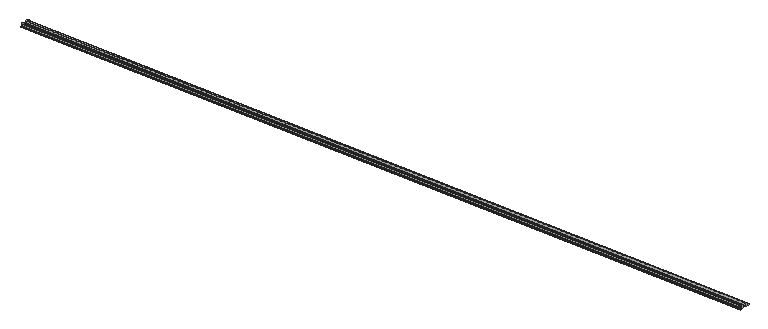
Revit family "Busduct Accessory_busSTRUT_MD-CS-10", category Generic Models, Revit 2023
Family settings
  Can host rebar = No
  Round Connector Dimension = Use Diameter
  Part Type = Normal
  Work Plane-Based = No
  Always vertical = Yes
  Cut with Voids When Loaded = No
  Maintain Annotation Orientation = No
  Shared = No
  Room Calculation Point = No
Parameters (values of type "MD-CS-10")
  Warning [instance] = if(or(Required Length < Min Length, Required Length > Max Length), "Violation of Min/Max Length", "No Warning")  # "No Warning"
  Required Length [instance] = 10' - 0"
  Min Length = 1' - 0"  # constant formula
  Facing Up [instance] = not(Facing Down)  # no
  URL = "https://busstrut.com"
  Type Comments = "ACCESSORY"  # constant formula
  Model = "MD-CS-10"
  Max Length = 10' - 0"  # constant formula
  Manufacturer = "busSTRUT"  # constant formula
  Facing Down [instance] = yes
  Length [instance] = if(Required Length < Min Length, Min Length, if(Required Length > Max Length, Max Length, Required Length))  # 10' - 0"
  L [instance] = round((Length / 0.01) / 1' 0") * 0.01  # 10
  Description = ""
  Default Elevation = 0' - 0"
Reference planes (in)
  plane 1 "Center (Front/Back)": y = 0
  plane 2: z = 0
  plane 3 "Center (Left/Right)": x = 0
Forms (in)
  Extrusion 1, solid, material "Galvanized Steel BS", visible <- "Facing Up", detail levels medium+fine
    sketch origin (0, 0, 0) x (0, 1, 0) y (0, 0, 1)
      loop
        line (0.4675, 0.21565) -> (0.4675, 0.50036) -> (0.65467, 0.50036) -> (0.83, 0.46946) -> (0.83, 0.53186) -> (0.65405, 0.56286) -> (-0.65405, 0.56286) -> (-0.83, 0.53186) -> (-0.83, 0.46946) -> (-0.65467, 0.50036) -> (-0.4675, 0.50036) -> (-0.4675, 0.21565)
        arc (-0.4675, 0.21565) -> (-0.55027, 0.16762) -> (-0.4887, 0.09436) r 0.0625
        line (-0.4887, 0.09436) -> (-0.405, 0.09436) -> (-0.405, 0.50036) -> (0.405, 0.50036) -> (0.405, 0.09436) -> (0.4887, 0.09436)
        arc (0.4887, 0.09436) -> (0.55027, 0.16762) -> (0.4675, 0.21565) r 0.0625
    from 0 to 120
  Extrusion 2, solid, material "Galvanized Steel BS", visible <- "Facing Down", detail levels medium+fine
    sketch origin (0, 0, 0) x (0, 1, 0) y (0, 0, 1)
      loop
        arc (0.4675, -0.21565) -> (0.55027, -0.16762) -> (0.4887, -0.09436) r 0.0625
        line (0.4887, -0.09436) -> (0.405, -0.09436) -> (0.405, -0.50036) -> (-0.405, -0.50036) -> (-0.405, -0.09436) -> (-0.4887, -0.09436)
        arc (-0.4887, -0.09436) -> (-0.55027, -0.16762) -> (-0.4675, -0.21565) r 0.0625
        line (-0.4675, -0.21565) -> (-0.4675, -0.50036) -> (-0.65467, -0.50036) -> (-0.83, -0.46946) -> (-0.83, -0.53186) -> (-0.65405, -0.56286) -> (0.65405, -0.56286) -> (0.83, -0.53186) -> (0.83, -0.46946) -> (0.65467, -0.50036) -> (0.4675, -0.50036) -> (0.4675, -0.21565)
    from 0 to 120
Lines and regions (in)
  Masking region 1, detail levels fine
    outline origin (0, 0, 0) x (1, 0, 0) y (0, 1, 0)
      loop
        line (0, 0.8275) -> (0, -0.8275) -> (120, -0.8275) -> (120, 0.8275) -> (0, 0.8275)
  Masking region 2, visible <- "Facing Down", detail levels medium+fine
    outline origin (0, 0, 0) x (1, 0, 0) y (0, 0, 1)
      loop
        line (0, -0.18716) -> (0, -0.54378) -> (120, -0.54378) -> (120, -0.18716) -> (0, -0.18716)
  Masking region 3, visible <- "Facing Up", detail levels medium+fine
    outline origin (0, 0, 0.73165) x (1, 0, 0) y (0, 0, 1)
      loop
        line (0, -0.18716) -> (0, -0.54378) -> (120, -0.54378) -> (120, -0.18716) -> (0, -0.18716)
  Masking region 4, visible <- "Facing Up", detail levels medium+fine
    outline origin (0, 0, 0) x (0, 1, 0) y (0, 0, 1)
      loop
        line (0.4675, 0.21565) -> (0.4675, 0.50036) -> (0.65467, 0.50036) -> (0.83, 0.46946) -> (0.83, 0.53186) -> (0.65405, 0.56286) -> (-0.65405, 0.56286) -> (-0.83, 0.53186) -> (-0.83, 0.46946) -> (-0.65467, 0.50036) -> (-0.4675, 0.50036) -> (-0.4675, 0.21565)
        arc (-0.4675, 0.21565) -> (-0.55027, 0.16762) -> (-0.4887, 0.09436) r 0.0625
        line (-0.4887, 0.09436) -> (-0.405, 0.09436) -> (-0.405, 0.50036) -> (0.405, 0.50036) -> (0.405, 0.09436) -> (0.4887, 0.09436)
        arc (0.4887, 0.09436) -> (0.55027, 0.16762) -> (0.4675, 0.21565) r 0.0625
  Masking region 5, visible <- "Facing Down", detail levels medium+fine
    outline origin (0, 0, 0) x (0, 1, 0) y (0, 0, 1)
      loop
        arc (0.4675, -0.21565) -> (0.55027, -0.16762) -> (0.4887, -0.09436) r 0.0625
        line (0.4887, -0.09436) -> (0.405, -0.09436) -> (0.405, -0.50036) -> (-0.405, -0.50036) -> (-0.405, -0.09436) -> (-0.4887, -0.09436)
        arc (-0.4887, -0.09436) -> (-0.55027, -0.16762) -> (-0.4675, -0.21565) r 0.0625
        line (-0.4675, -0.21565) -> (-0.4675, -0.50036) -> (-0.65467, -0.50036) -> (-0.83, -0.46946) -> (-0.83, -0.53186) -> (-0.65405, -0.56286) -> (0.65405, -0.56286) -> (0.83, -0.53186) -> (0.83, -0.46946) -> (0.65467, -0.50036) -> (0.4675, -0.50036) -> (0.4675, -0.21565)
  reference lines
    curve 1: line (0, 0.8275, 0) -> (0, -0.8275, 0)
    curve 2: line (120, 0.8275, 0) -> (120, -0.8275, 0)
  symbolic lines, style "A-GENM", detail levels fine
    curve 3: line (0, 0.8275, 0) -> (120, 0.8275, 0)
    curve 4: line (0, -0.8275, 0) -> (0, 0.8275, 0)
    curve 5: line (120, -0.8275, 0) -> (0, -0.8275, 0)
    curve 6: line (120, 0.8275, 0) -> (120, -0.8275, 0)
  symbolic lines, style "A-GENM", visible <- "Facing Down", detail levels medium+fine
    curve 7: line (120, 0, -0.18716) -> (0, 0, -0.18716)
    curve 8: line (120, 0, -0.54378) -> (120, 0, -0.18716)
    curve 9: line (0, 0, -0.54378) -> (120, 0, -0.54378)
    curve 10: line (0, 0, -0.18716) -> (0, 0, -0.54378)
    curve 34: line (0, 0.405, -0.50036) -> (0, 0.405, -0.09436)
    curve 35: line (0, 0.405, -0.09436) -> (0, 0.4887, -0.09436)
    curve 36: arc (0, 0.4887, -0.09436) -> (0, 0.55027, -0.16762) -> (0, 0.4675, -0.21565) r 0.0625
    curve 37: line (0, 0.4675, -0.21565) -> (0, 0.4675, -0.50036)
    curve 38: line (0, 0.4675, -0.50036) -> (0, 0.65467, -0.50036)
    curve 39: line (0, 0.65467, -0.50036) -> (0, 0.83, -0.46946)
    curve 40: line (0, 0.83, -0.46946) -> (0, 0.83, -0.53186)
    curve 41: line (0, 0.83, -0.53186) -> (0, 0.65405, -0.56286)
    curve 42: line (0, 0.65405, -0.56286) -> (0, -0.65405, -0.56286)
    curve 43: line (0, -0.65405, -0.56286) -> (0, -0.83, -0.53186)
    curve 44: line (0, -0.83, -0.53186) -> (0, -0.83, -0.46946)
    curve 45: line (0, -0.83, -0.46946) -> (0, -0.65467, -0.50036)
    curve 46: line (0, -0.65467, -0.50036) -> (0, -0.4675, -0.50036)
    curve 47: line (0, -0.4675, -0.50036) -> (0, -0.4675, -0.21565)
    curve 48: arc (0, -0.4675, -0.21565) -> (0, -0.55027, -0.16762) -> (0, -0.4887, -0.09436) r 0.0625
    curve 49: line (0, -0.4887, -0.09436) -> (0, -0.405, -0.09436)
    curve 50: line (0, -0.405, -0.09436) -> (0, -0.405, -0.50036)
    curve 51: line (0, -0.405, -0.50036) -> (0, 0.405, -0.50036)
  symbolic lines, style "A-GENM", detail levels coarse
    curve 11: line (120, 0, 0) -> (0, 0, 0)
  symbolic lines, style "A-GENM", visible <- "Facing Up", detail levels medium+fine
    curve 12: line (120, 0, 0.54449) -> (0, 0, 0.54449)
    curve 13: line (120, 0, 0.18787) -> (120, 0, 0.54449)
    curve 14: line (0, 0, 0.18787) -> (120, 0, 0.18787)
    curve 15: line (0, 0, 0.54449) -> (0, 0, 0.18787)
    curve 16: line (0, 0.405, 0.50036) -> (0, 0.405, 0.09436)
    curve 17: line (0, 0.405, 0.09436) -> (0, 0.4887, 0.09436)
    curve 18: arc (0, 0.4887, 0.09436) -> (0, 0.55027, 0.16762) -> (0, 0.4675, 0.21565) r 0.0625
    curve 19: line (0, 0.4675, 0.21565) -> (0, 0.4675, 0.50036)
    curve 20: line (0, 0.4675, 0.50036) -> (0, 0.65467, 0.50036)
    curve 21: line (0, 0.65467, 0.50036) -> (0, 0.83, 0.46946)
    curve 22: line (0, 0.83, 0.46946) -> (0, 0.83, 0.53186)
    curve 23: line (0, 0.83, 0.53186) -> (0, 0.65405, 0.56286)
    curve 24: line (0, 0.65405, 0.56286) -> (0, -0.65405, 0.56286)
    curve 25: line (0, -0.65405, 0.56286) -> (0, -0.83, 0.53186)
    curve 26: line (0, -0.83, 0.53186) -> (0, -0.83, 0.46946)
    curve 27: line (0, -0.83, 0.46946) -> (0, -0.65467, 0.50036)
    curve 28: line (0, -0.65467, 0.50036) -> (0, -0.4675, 0.50036)
    curve 29: line (0, -0.4675, 0.50036) -> (0, -0.4675, 0.21565)
    curve 30: arc (0, -0.4675, 0.21565) -> (0, -0.55027, 0.16762) -> (0, -0.4887, 0.09436) r 0.0625
    curve 31: line (0, -0.4887, 0.09436) -> (0, -0.405, 0.09436)
    curve 32: line (0, -0.405, 0.09436) -> (0, -0.405, 0.50036)
    curve 33: line (0, -0.405, 0.50036) -> (0, 0.405, 0.50036)
Dimensions and locks (in)
  "Length": curve 1 to curve 2
  "Length": curve 13 to plane 3 "Center (Left/Right)"
  aligned and locked: plane 2 to level
  aligned and locked: curve 2 to Masking region 1 sketch curve
  aligned and locked: Masking region 1 sketch curve to curve 1
  aligned and locked: curve 4 to curve 1
  aligned and locked: curve 2 to curve 6
  aligned and locked: Extrusion 1 to curve 2
  aligned and locked: Extrusion 1 to curve 1
  aligned and locked: curve 1 to Masking region 2
  aligned and locked: curve 11 to curve 13
  aligned and locked: curve 11 to Masking region 3
  aligned and locked: curve 8 to curve 11
  aligned and locked: Masking region 2 to curve 11
Automatic sketch dimensions
  plane 1 "Center (Front/Back)" to curve 5 = 0' - 0.8275"
  curve 4 to plane 1 "Center (Front/Back)" = 0' - 0.8275"
  plane 1 "Center (Front/Back)" to curve 26 = 0' - 0.83"
  plane 1 "Center (Front/Back)" to curve 45 = 0' - 0.83"
  curve 26 to curve 27 = 0' - 0.17533"
  curve 44 to curve 46 = 0' - 0.17533"
  curve 45 to curve 43 = 0' - 0.00062"
  curve 27 to curve 24 = 0' - 0.00062"
  level to curve 31 = 0' - 0.09436"
  curve 27 to curve 31 = 0' - 0.16597"
  curve 48 to level = 0' - 0.15686"
  curve 48 to curve 31 = 0' - 0"
  curve 48 to curve 47 = 0' - 0.0212"
  curve 27 to curve 28 = 0' - 0.18717"
  curve 46 to curve 50 = 0' - 0 1/16"
  curve 31 to curve 31 = 0' - 0.0837"
  curve 34 to level = 0' - 0.09436"
  curve 34 to plane 1 "Center (Front/Back)" = 0' - 0.405"
  curve 33 to plane 1 "Center (Front/Back)" = 0' - 0.405"
  curve 34 to curve 37 = 0' - 0 1/16"
  curve 16 to curve 19 = 0' - 0 1/16"
  curve 36 to curve 36 = 0' - 0.0212"
  curve 19 to curve 18 = 0' - 0.0212"
  curve 19 to curve 23 = 0' - 0.18655"
  curve 37 to curve 41 = 0' - 0.18655"
  curve 42 to curve 38 = 0' - 0.00062"
  curve 23 to curve 21 = 0' - 0.00062"
  curve 38 to curve 39 = 0' - 0.17533"
  curve 20 to curve 22 = 0' - 0.17533"
  curve 36 to curve 36 = 0' - 0 1/16"
  curve 47 to curve 48 = 0' - 0.05879"
  curve 39 to curve 36 = 0' - 0.25381"
  curve 44 to curve 47 = 0' - 0.25381"
  curve 51 to curve 36 = 0' - 0.28471"
  curve 34 to curve 37 = 0' - 0"
  curve 45 to curve 44 = 0' - 0.03089"
  curve 40 to curve 39 = 0' - 0.06239"
  curve 43 to curve 44 = 0' - 0.06239"
  curve 43 to curve 45 = 0' - 0 1/16"
  level to curve 17 = 0' - 0.09436"
  curve 30 to curve 30 = 0' - 0 1/16"
  curve 18 to curve 18 = 0' - 0 1/16"
  curve 29 to curve 26 = 0' - 0.25381"
  curve 18 to curve 22 = 0' - 0.25381"
  curve 18 to curve 20 = 0' - 0.28471"
  curve 33 to curve 19 = 0' - 0"
  curve 26 to curve 27 = 0' - 0.03089"
  curve 26 to curve 25 = 0' - 0.06239"
  curve 21 to curve 23 = 0' - 0.06239"
  curve 27 to curve 24 = 0' - 0 1/16"
  plane 1 "Center (Front/Back)" to Masking region 1 sketch curve = 0' - 0.8275"
  Masking region 1 sketch curve to plane 1 "Center (Front/Back)" = 0' - 0.8275"
  Masking region 2 sketch curve to plane 3 "Center (Left/Right)" = 0' - 0"
  Masking region 2 sketch curve to level = 0' - 0.18716"
  plane 3 "Center (Left/Right)" to Masking region 2 sketch curve = 10' - 0"
  Masking region 2 sketch curve to Masking region 2 sketch curve = 0' - 0.35662"
  plane 1 "Center (Front/Back)" to Extrusion 1 sketch curve = 0' - 0.83"
  Extrusion 1 sketch curve to Extrusion 1 sketch curve = 0' - 0.17533"  (x2)
  Extrusion 1 sketch curve to Extrusion 1 sketch curve = 0' - 0.00062"  (x2)
  level to Extrusion 1 sketch curve = 0' - 0.09436"  (x2)
  Extrusion 1 sketch curve to Extrusion 1 sketch curve = 0' - 0.16597"
  Extrusion 1 sketch curve to Extrusion 1 sketch curve = 0' - 0.18717"
  Extrusion 1 sketch curve to Extrusion 1 sketch curve = 0' - 0 1/16"  (x5)
  Extrusion 1 sketch curve to plane 1 "Center (Front/Back)" = 0' - 0.405"
  Extrusion 1 sketch curve to Extrusion 1 sketch curve = 0' - 0.0837"
  Extrusion 1 sketch curve to Extrusion 1 sketch curve = 0' - 0.18655"
  Extrusion 1 sketch curve to Extrusion 1 sketch curve = 0' - 0.25381"  (x2)
  Extrusion 1 sketch curve to Extrusion 1 sketch curve = 0' - 0.28471"
  Extrusion 1 sketch curve to Extrusion 1 sketch curve = 0' - 0"
  Extrusion 1 sketch curve to Extrusion 1 sketch curve = 0' - 0.03089"
  Extrusion 1 sketch curve to Extrusion 1 sketch curve = 0' - 0.06239"  (x2)
  Masking region 3 sketch curve to plane 3 "Center (Left/Right)" = 0' - 0"
  level to Masking region 3 sketch curve = 0' - 0.54449"
  plane 3 "Center (Left/Right)" to Masking region 3 sketch curve = 10' - 0"
  level to Masking region 3 sketch curve = 0' - 0.18787"
  plane 1 "Center (Front/Back)" to Masking region 4 sketch curve = 0' - 0.83"
  Masking region 4 sketch curve to Masking region 4 sketch curve = 0' - 0.17533"  (x2)
  Masking region 4 sketch curve to Masking region 4 sketch curve = 0' - 0.00062"  (x2)
  level to Masking region 4 sketch curve = 0' - 0.09436"  (x2)
  Masking region 4 sketch curve to Masking region 4 sketch curve = 0' - 0.16597"
  Masking region 4 sketch curve to Masking region 4 sketch curve = 0' - 0.18717"
  Masking region 4 sketch curve to Masking region 4 sketch curve = 0' - 0 1/16"  (x5)
  Masking region 4 sketch curve to plane 1 "Center (Front/Back)" = 0' - 0.405"
  Masking region 4 sketch curve to Masking region 4 sketch curve = 0' - 0.0837"
  Masking region 4 sketch curve to Masking region 4 sketch curve = 0' - 0.18655"
  Masking region 4 sketch curve to Masking region 4 sketch curve = 0' - 0.25381"  (x2)
  Masking region 4 sketch curve to Masking region 4 sketch curve = 0' - 0.28471"
  Masking region 4 sketch curve to Masking region 4 sketch curve = 0' - 0"
  Masking region 4 sketch curve to Masking region 4 sketch curve = 0' - 0.03089"
  Masking region 4 sketch curve to Masking region 4 sketch curve = 0' - 0.06239"  (x2)
  plane 1 "Center (Front/Back)" to Extrusion 2 sketch curve = 0' - 0.83"
  Extrusion 2 sketch curve to Extrusion 2 sketch curve = 0' - 0.17533"  (x2)
  Extrusion 2 sketch curve to Extrusion 2 sketch curve = 0' - 0.00062"  (x2)
  Extrusion 2 sketch curve to level = 0' - 0.09436"  (x2)
  Extrusion 2 sketch curve to Extrusion 2 sketch curve = 0' - 0.16597"
  Extrusion 2 sketch curve to Extrusion 2 sketch curve = 0' - 0.18717"
  Extrusion 2 sketch curve to Extrusion 2 sketch curve = 0' - 0 1/16"  (x5)
  Extrusion 2 sketch curve to plane 1 "Center (Front/Back)" = 0' - 0.405"
  Extrusion 2 sketch curve to Extrusion 2 sketch curve = 0' - 0.0837"
  Extrusion 2 sketch curve to Extrusion 2 sketch curve = 0' - 0.18655"
  Extrusion 2 sketch curve to Extrusion 2 sketch curve = 0' - 0.25381"  (x2)
  Extrusion 2 sketch curve to Extrusion 2 sketch curve = 0' - 0.28471"  (x2)
  Extrusion 2 sketch curve to Extrusion 2 sketch curve = 0' - 0.03089"
  Extrusion 2 sketch curve to Extrusion 2 sketch curve = 0' - 0.06239"  (x2)
  plane 1 "Center (Front/Back)" to Masking region 5 sketch curve = 0' - 0.83"
  Masking region 5 sketch curve to Masking region 5 sketch curve = 0' - 0.17533"  (x2)
  Masking region 5 sketch curve to Masking region 5 sketch curve = 0' - 0.00062"  (x2)
  Masking region 5 sketch curve to level = 0' - 0.09436"  (x2)
  Masking region 5 sketch curve to Masking region 5 sketch curve = 0' - 0.16597"
  Masking region 5 sketch curve to Masking region 5 sketch curve = 0' - 0.18717"
  Masking region 5 sketch curve to Masking region 5 sketch curve = 0' - 0 1/16"  (x5)
  Masking region 5 sketch curve to plane 1 "Center (Front/Back)" = 0' - 0.405"
  Masking region 5 sketch curve to Masking region 5 sketch curve = 0' - 0.0837"
  Masking region 5 sketch curve to Masking region 5 sketch curve = 0' - 0.18655"
  Masking region 5 sketch curve to Masking region 5 sketch curve = 0' - 0.25381"  (x2)
  Masking region 5 sketch curve to Masking region 5 sketch curve = 0' - 0.28471"  (x2)
  Masking region 5 sketch curve to Masking region 5 sketch curve = 0' - 0.03089"
  Masking region 5 sketch curve to Masking region 5 sketch curve = 0' - 0.06239"  (x2)
  curve 11 to level = 0' - 0"
  curve 11 to plane 3 "Center (Left/Right)" = 0' - 0"
  curve 7 to plane 3 "Center (Left/Right)" = 0' - 0"
  curve 15 to plane 3 "Center (Left/Right)" = 0' - 0"
  curve 7 to curve 11 = 0' - 0.18716"
  curve 10 to curve 7 = 0' - 0.35662"
  level to curve 14 = 0' - 0.18787"
  curve 13 to curve 13 = 0' - 0.35662"
  curve 1 to plane 3 "Center (Left/Right)" = 0' - 0"
  plane 1 "Center (Front/Back)" to curve 1 = 0' - 0.8275"
  plane 1 "Center (Front/Back)" to curve 2 = 0' - 0.8275"
  curve 2 to plane 1 "Center (Front/Back)" = 0' - 0.8275"
  curve 1 to plane 1 "Center (Front/Back)" = 0' - 0.8275"
